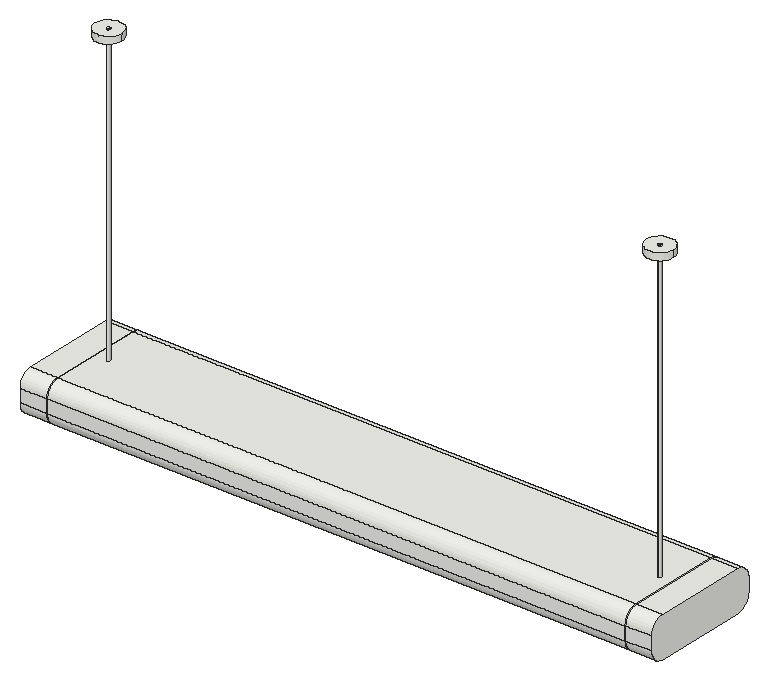
Revit family "M_Luminária de forro - Linear - 2 Lâmpadas", category Luminárias, Revit 2019
Family settings
  Hospedeiro = Forro
  Cota do conector redondo = Utilizar diâmetro
  Tipo de parte = Normal
  Número OmniClass = 23.80.70.11.11
  Título OmniClass = General Luminaries, Non Directional
  ID de item do Seek = Pendant Light - Linear - 2 Lamp-0000-CAN-ENU
  Sempre na vertical = Sim
  Corte com vazios quando carregada = Não
  Fonte luminosa = Sim
  Compartilhado = Não
  Ponto de cálculo do ambiente = Não
Parameters (values of type "1200mm - 120V")
  Wattage = 64 W
  built-in parameter 1150110 = 1 (stored number, unit not read)
  built-in parameter 1114217 = 0.88 (stored number, unit not read)
  built-in parameter 1150109 = 1 (stored number, unit not read)
  built-in parameter 1150134 = 8
  built-in parameter 1150113 = 1 (stored number, unit not read)
  built-in parameter 1150115 = 1 (stored number, unit not read)
  built-in parameter 1150105 = 1909.9 (stored number, unit not read)
  Classificação de carga = Iluminação - Unidade de interrupção
  Light Source Symbol Size = 609.6 mm
  built-in parameter 1150137 = 1
  built-in parameter 1150139 = (empty or 0)
  built-in parameter 1150112 = 1 (stored number, unit not read)
  built-in parameter 1150114 = 1 (stored number, unit not read)
  Lâmpada = "T-12"
  built-in parameter 1150132 = (empty or 0)
  built-in parameter 1150102 = (empty or 0)
  built-in parameter 1150138 = (empty or 0)
  built-in parameter 1150107 = 4230 (stored number, unit not read)
  built-in parameter 1150106 = 19.099 (stored number, unit not read)
  Emitir da largura do retângulo = 225 mm
  Emitir do comprimento do retângulo = Comprimento de caixa de luz - 76 mm  # 1124 mm
  Emit Shape Visible in Rendering = no
  built-in parameter 1150104 = 8.7097 (stored number, unit not read)
  Dimming Lamp Color Temperature Shift = (empty or 0)
  Color Filter = 16777215
  built-in parameter 1140040 [instance] = 1
  Voltagem do transformador = 120 V
  Transformador por número de postes = 1
  built-in parameter 1114218 = 0.88 (stored number, unit not read)
  built-in parameter 1150133 = 10 (stored number, unit not read)
  Código de montagem = "D5020210"
  Material montado no forro = Aço, acabamento de pintura, marfim, com brilho
  Material do difusor = Vidro, Branco, Alta Luminosidade
  Comprimento de caixa de luz = 1200 mm
  Material do armário de luz = Aço, acabamento de pintura, marfim, com brilho
  Cair do forro = 640 mm
  Lumens = 6000 lm
  Apparent Load = 64 VA
Types (4, lengths in mm): name | Wattage | built-in parameter 1150105 | built-in parameter 1150106 | Emitir do comprimento do retângulo | built-in parameter 1150104 | Voltagem do transformador | Comprimento de caixa de luz | Cair do forro | Lumens | Apparent Load
  1200mm - 120V | 64 W | 1909.9 (stored number, unit not read) | 19.099 (stored number, unit not read) | 1124 | 8.7097 (stored number, unit not read) | 120 V | 1200 | 640 | 6000 lm | 64 VA
  1200mm - 277V | 64 W | 1909.9 (stored number, unit not read) | 19.099 (stored number, unit not read) | 1124 | 8.7097 (stored number, unit not read) | 277 V | 1200 | 640 | 6000 lm | 64 VA
  2400mm - 120V | 150 W | 4010.7 (stored number, unit not read) | 40.107 (stored number, unit not read) | 2324 | 7.8039 (stored number, unit not read) | 120 V | 2400 | 340 | 12600 lm | 150 VA
  2400mm - 277V | 150 W | 4010.7 (stored number, unit not read) | 40.107 (stored number, unit not read) | 2324 | 7.8039 (stored number, unit not read) | 277 V | 2400 | 340 | 12600 lm | 150 VA
Reference planes
  plane 1 "Eixo de origem da luz": y = 0
  plane 2 "Forro": z = 2438.4
  plane 3 "Eixo de origem da luz": x = 0
  plane 4 "Elevação da origem da luz": z = 1811.1
  plane 5: x = -600
  plane 6: x = 600
  plane 7: x = -523.8
  plane 8: x = 523.8
  plane 9: x = -523.888
  plane 10: x = 523.8
  plane 11: z = 2425.7
  plane 12: z = 1798.4
  plane 13: z = 1823.8
  plane 14: z = 1874.6
Forms (mm)
  Sweep 1, solid, material "Aço, acabamento de pintura, marfim, com brilho" <- "Material do armário de luz"
    path origin (0, 0, 1811.1) x (0, -1, 0) y (1, 0, 0)
      loop
        line (0, -549.2) -> (0, 549.2)
    profile origin (0, 0, 1841.5) x (0, 1, 0) y (0, 0, 1)
      loop
        line (88.9, 33.1) -> (-88.9, 33.1)
        arc (-88.9, 33.1) -> (-106.861, 25.661) -> (-114.3, 7.7) r 25.4
        line (-114.3, 7.7) -> (-114.3, -17.7)
        arc (-114.3, -17.7) -> (-106.861, -35.661) -> (-88.9, -43.1) r 25.4
        line (-88.9, -43.1) -> (-63.5, -43.1) -> (-63.5, -17.7) -> (63.5, -17.7) -> (63.5, -43.1) -> (88.9, -43.1)
        arc (88.9, -43.1) -> (106.861, -35.661) -> (114.3, -17.7) r 25.4
        line (114.3, -17.7) -> (114.3, 7.7)
        arc (114.3, 7.7) -> (106.861, 25.661) -> (88.9, 33.1) r 25.4
  Extrusion 2, solid, material "Aço, acabamento de pintura, marfim, com brilho" <- "Material montado no forro"
    sketch origin (0, 0, 1811.1) x (0, -1, 0) y (1, 0, 0)
      loop
        circle (0, -523.8) r 3.175
      loop
        circle (0, 523.8) r 3.175
    from 63.5 to 627.3
  Extrusion 3, solid, material "Aço, acabamento de pintura, marfim, com brilho" <- "Material montado no forro"
    sketch origin (0, 0, 0) x (1, 0, 0) y (0, 1, 0)
      loop
        circle (-523.888, 0) r 25.4
      loop
        circle (523.8, 0) r 25.4
    from 2425.7 to 2438.4
  Extrusion 4, solid, material "Vidro, Branco, Alta Luminosidade" <- "Material do difusor"
    sketch origin (0, 0, 0) x (1, 0, 0) y (0, 1, 0)
      loop
        line (-549.2, 63.5) -> (-549.2, -63.5) -> (549.2, -63.5) -> (549.2, 63.5) -> (-549.2, 63.5)
    from 1798.4 to 1811.1
  Extrusion 5, solid, material "Aço, acabamento de pintura, marfim, com brilho" <- "Material do armário de luz"
    sketch origin (-549.2, 0, 1689.121) x (0, 0, 1) y (0, 1, 0)
      loop
        arc (185.479, 88.9) -> (178.039, 106.861) -> (160.079, 114.3) r 25.4
        line (160.079, 114.3) -> (134.679, 114.3)
        arc (134.679, 114.3) -> (116.718, 106.861) -> (109.279, 88.9) r 25.4
        line (109.279, 88.9) -> (109.279, -88.9)
        arc (109.279, -88.9) -> (116.718, -106.861) -> (134.679, -114.3) r 25.4
        line (134.679, -114.3) -> (160.079, -114.3)
        arc (160.079, -114.3) -> (178.039, -106.861) -> (185.479, -88.9) r 25.4
        line (185.479, -88.9) -> (185.479, 88.9)
    from 0 to 50.8
  Extrusion 6, solid, material "Aço, acabamento de pintura, marfim, com brilho" <- "Material do armário de luz"
    sketch origin (549.2, 0, 1689.121) x (0, 1, 0) y (0, 0, 1)
      loop
        arc (-88.9, 185.479) -> (-106.861, 178.039) -> (-114.3, 160.079) r 25.4
        line (-114.3, 160.079) -> (-114.3, 134.679)
        arc (-114.3, 134.679) -> (-106.861, 116.718) -> (-88.9, 109.279) r 25.4
        line (-88.9, 109.279) -> (88.9, 109.279)
        arc (88.9, 109.279) -> (106.861, 116.718) -> (114.3, 134.679) r 25.4
        line (114.3, 134.679) -> (114.3, 160.079)
        arc (114.3, 160.079) -> (106.861, 178.039) -> (88.9, 185.479) r 25.4
        line (88.9, 185.479) -> (-88.9, 185.479)
    from 0 to 50.8
Lines and regions (mm)
  symbolic lines
    curve 1: line (600, 114.3, 2438.4) -> (-600, 114.3, 2438.4)
    curve 2: line (600, -114.3, 2438.4) -> (600, 114.3, 2438.4)
    curve 3: line (-600, -114.3, 2438.4) -> (600, -114.3, 2438.4)
    curve 4: line (-600, 114.3, 2438.4) -> (-600, -114.3, 2438.4)
    curve 5: arc (-498.488, 0, 2438.4) -> (-523.888, 25.4, 2438.4) -> (-549.288, 0, 2438.4) r 25.4
    curve 6: arc (-549.288, 0, 2438.4) -> (-523.888, -25.4, 2438.4) -> (-498.488, 0, 2438.4) r 25.4
    curve 7: arc (498.4, 0, 2438.4) -> (523.8, -25.4, 2438.4) -> (549.2, 0, 2438.4) r 25.4
    curve 8: arc (549.2, 0, 2438.4) -> (523.8, 25.4, 2438.4) -> (498.4, 0, 2438.4) r 25.4
Dimensions and locks
  equal spacing: host sketch curve, plane 3 "Eixo de origem da luz", host sketch curve
  equal spacing: host sketch curve, plane 1 "Eixo de origem da luz", host sketch curve
  host sketch curve to host sketch curve = 3048 mm  (x2)
  "Comprimento de caixa de luz": plane 5 to plane 6
  equal spacing: plane 5, plane 3 "Eixo de origem da luz", plane 6
  locked: plane 5 to plane 7 at 76.2
  locked: plane 8 to plane 6 at 76.2
  locked: plane 5 to plane 9 at 76.112
  locked: plane 10 to plane 6 at 76.2
  locked: plane 2 "Forro" to plane 11 at 12.7
  locked: plane 12 to plane 4 "Elevação da origem da luz" at 12.7
  plane 4 "Elevação da origem da luz" to plane 13 to plane 14 = 12.7 mm locked, 50.8 mm locked
  "Cair do forro": plane 2 "Forro" to plane 12
  aligned and locked: Sweep 1 sketch curve to plane 1 "Eixo de origem da luz"
  aligned and locked: plane 2 "Forro" to Extrusion 2
  aligned and locked: plane 2 "Forro" to Extrusion 3
  aligned and locked: plane 11 to Extrusion 3
  aligned and locked: Sweep 1 to Extrusion 4 sketch curve
  aligned and locked: Extrusion 4 sketch curve to Sweep 1  (x3)
  aligned and locked: Extrusion 5 sketch curve to Sweep 1  (x3)
  aligned and locked: plane 5 to Extrusion 5
  aligned and locked: Extrusion 6 sketch curve to Sweep 1  (x3)
  aligned and locked: Extrusion 6 to plane 6
  aligned and locked: Extrusion 4 to plane 4 "Elevação da origem da luz"
  aligned and locked: Extrusion 4 to Sweep 1
  aligned and locked: plane 12 to Extrusion 6 sketch curve
  aligned and locked: plane 12 to Extrusion 5 sketch curve
  aligned and locked: plane 5 to curve 4
  aligned and locked: curve 5 to Extrusion 3
  aligned and locked: curve 7 to Extrusion 3
  aligned and locked: plane 3 "Eixo de origem da luz" to imposter light
  aligned and locked: plane 1 "Eixo de origem da luz" to imposter light
  aligned and locked: plane 4 "Elevação da origem da luz" to imposter light
  aligned and locked: Sweep 1 sketch curve to plane 14
  aligned and locked: Sweep 1 sketch curve to plane 13
  aligned and locked: plane 12 to Sweep 1 sketch curve  (x2)
  aligned and locked: Extrusion 2 to plane 14
Automatic sketch dimensions
  Sweep 1 sketch curve to plane 5 = 50.8 mm
  plane 6 to Sweep 1 sketch curve = 50.8 mm
  Extrusion 2 sketch curve to plane 8 = 0 mm
  Extrusion 2 sketch curve to plane 7 = 0 mm
  Extrusion 2 sketch curve to plane 1 "Eixo de origem da luz" = 0 mm  (x2)
  Extrusion 2 sketch curve to plane 1 "Eixo de origem da luz" = 3.175 mm  (x2)
  Extrusion 3 sketch curve to plane 1 "Eixo de origem da luz" = 0 mm  (x2)
  Extrusion 3 sketch curve to plane 9 = 0 mm
  Extrusion 3 sketch curve to plane 10 = 0 mm
  Extrusion 3 sketch curve to plane 9 = 25.4 mm
  Extrusion 3 sketch curve to plane 10 = 25.4 mm
  Sweep 1 sketch curve to plane 4 "Elevação da origem da luz" = 12.7 mm
  profile plane to Sweep 1 sketch curve = 114.3 mm
  Sweep 1 sketch curve to Sweep 1 sketch curve = 25.4 mm  (x5)
  Sweep 1 sketch curve to profile plane = 63.5 mm
  Extrusion 6 sketch curve to plane 4 "Elevação da origem da luz" = 12.7 mm
  Extrusion 6 sketch curve to Extrusion 6 sketch curve = 25.4 mm  (x3)
  Extrusion 5 sketch curve to plane 4 "Elevação da origem da luz" = 12.7 mm  (x2)
  Extrusion 5 sketch curve to Extrusion 5 sketch curve = 25.4 mm  (x2)
  curve 2 to plane 6 = 0 mm
  plane 1 "Eixo de origem da luz" to curve 3 = 114.3 mm
  curve 1 to plane 1 "Eixo de origem da luz" = 114.3 mm
Connectors
  electrical at (0, 0, 1798.4), driven by "Apparent Load", driven by "Voltagem do transformador", driven by "Transformador por número de postes", driven by "Classificação de carga"
    settings: on Extrusion 4, index 1, voltage 120 V, apparent load 0 VA, apparent load phase1 64 VA, apparent load phase2 0 VA, apparent load phase3 0 VA, power factor 0.95, load classification "Iluminação - Unidade de interrupção", number of poles 1, system type 31, power factor state 1, is connector primary yes, connector utility no, sub classification motor no, connector description ""
